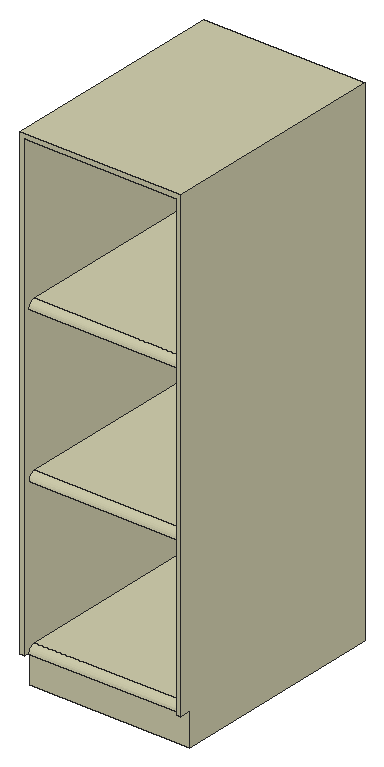
Revit family "Wenger Cabinet 11", category Furniture, Revit 2011
Parameters (values of type "Standard Cabinet #11")
  URL = "http://www.wengercorp.com/Home/Contact.html"
  Toekick Material [instance] = none
  RH End Panel [instance] = no
  Model = "11"
  Manufacturer = "Wenger Corporation"
  LH End Panel [instance] = no
  End Panel Material [instance] = none
  Edge Banding Material [instance] = none
  Door Material [instance] = none
  Description = "Standard Cabinet #11"
  Cabinet Width = 2' - 3 1/2"
  Cabinet Label = Labels : Standard
  Cabinet Height = 7' - 1 5/8"
  Cabinet Depth = 3' - 3 1/4"
  Cabinet Back Thickness = 0' - 0 3/4"
  Assembly Code = ""
Types (4): name | Model | Description | Cabinet Width | Cabinet Label | Cabinet Depth | Cabinet Back Thickness
  Standard Cabinet #11 | "11" | "Standard Cabinet #11" | 2' - 3 1/2" | Labels : Standard | 3' - 3 1/4" | 0' - 0 3/4"
  Acoustic Cabinet #11 | "11A" | "Acoustic Cabinet #11" | 2' - 3 1/2" | Labels : Acoustic | 3' - 5 3/4" | 0' - 3 1/4"
  Narrow Acoustic Cabinet #11 | "11NA" | "Narrow Acoustic Cabinet #11" | 1' - 9 1/2" | Labels : Narrow Acoustic | 3' - 5 3/4" | 0' - 3 1/4"
  Narrow Cabinet #11 | "11N" | "Narrow Cabinet #11" | 1' - 9 1/2" | Labels : Narrow | 3' - 3 1/4" | 0' - 0 3/4"
Reference planes (in)
  plane 1 "Front": y = 0
  plane 2: z = 0
  plane 3 "Left": x = 0
  plane 4 "Right": x = 27.5
  plane 5 "Back": y = 39.25
  plane 6 "Top": z = 85.625
  plane 7: z = 5.625
  plane 8: z = 32.04167
  plane 9: z = 58.45833
  plane 10: x = 0.75
  plane 11: x = 26.75
  plane 12: z = 84.875
  plane 13: y = 38.5
  plane 14: y = 2
  plane 15: y = 0.75
  plane 16: z = 33.16667
  plane 17: z = 59.58333
  plane 18: z = 6.75
Forms (in)
  Extrusion 1, solid, material "Wenger - Oyster"
    sketch origin (0, 0, 0) x (0, 1, 0) y (0, 0, 1)
      loop
        line (0, 85.625) -> (0, 5.625) -> (2, 5.625) -> (2, 0) -> (39.25, 0) -> (39.25, 85.625) -> (0, 85.625)
    from 0 to 27.5
  Extrusion 2, void
    sketch origin (0, 0, 0) x (0, 1, 0) y (0, 0, 1)
      loop
        line (-5.5, 84.875) -> (-5.5, 5.625) -> (0.75, 5.625)
        arc (0.75, 5.625) -> (1.18296, 6.40088) -> (2, 6.75) r 1.375
        line (2, 6.75) -> (38.5, 6.75) -> (38.5, 32.04167) -> (0.75, 32.04167)
        arc (0.75, 32.04167) -> (1.18296, 32.81754) -> (2, 33.16667) r 1.375
        line (2, 33.16667) -> (38.5, 33.16667) -> (38.5, 58.45833) -> (0.75, 58.45833)
        arc (0.75, 58.45833) -> (1.18296, 59.23421) -> (2, 59.58333) r 1.375
        line (2, 59.58333) -> (38.5, 59.58333) -> (38.5, 84.875) -> (-5.5, 84.875)
    from 0.75 to 26.75
Cuts and joins
  Extrusion 2 cuts Extrusion 1
Lines and regions (in)
  symbolic lines
    curve 1: line (0, 39.25, 0) -> (27.5, 39.25, 0)
    curve 2: line (0, 0, 0) -> (0, 39.25, 0)
    curve 3: line (27.5, 0, 0) -> (0, 0, 0)
    curve 4: line (27.5, 39.25, 0) -> (27.5, 0, 0)
Dimensions and locks (in)
  locked: plane 3 "Left" to plane 10 at 0.75
  locked: plane 11 to plane 4 "Right" at 0.75
  "Cabinet Back Thickness": plane 5 "Back" to plane 13
  locked: plane 1 "Front" to plane 15 at 0.75
  locked: plane 1 "Front" to plane 14 at 2
  locked: plane 16 to plane 8 at 1.125
  locked: plane 17 to plane 9 at 1.125
  locked: plane 6 "Top" to plane 12 at 0.75
  equal spacing: plane 12, plane 9, plane 8, plane 7
  locked: plane 18 to plane 7 at 1.125
  plane 11 to plane 3 "Left" = 2' - 2 3/4"
  "Cabinet Width": plane 3 "Left" to plane 4 "Right"
  locked: plane 7 to level at 5.625
  "Cabinet Height": plane 6 "Top" to level
  "Cabinet Depth": plane 1 "Front" to plane 5 "Back"
  plane 10 to plane 11 = 2' - 2"
  plane 12 to plane 7 = 6' - 7 1/4"
  aligned and locked: Extrusion 1 sketch curve to plane 6 "Top"
  aligned and locked: Extrusion 1 sketch curve to plane 5 "Back"
  aligned and locked: Extrusion 1 sketch curve to plane 1 "Front"
  aligned and locked: Extrusion 1 sketch curve to plane 7
  aligned and locked: Extrusion 1 sketch curve to plane 14
  aligned and locked: Extrusion 1 sketch curve to level
  aligned and locked: Extrusion 1 to plane 4 "Right"
  aligned and locked: Extrusion 1 to plane 3 "Left"
  aligned and locked: Extrusion 2 sketch curve to plane 12
  aligned and locked: Extrusion 2 sketch curve to plane 17
  aligned and locked: Extrusion 2 sketch curve to plane 9
  aligned and locked: Extrusion 2 sketch curve to plane 16
  aligned and locked: Extrusion 2 sketch curve to plane 8
  aligned and locked: Extrusion 2 sketch curve to plane 18
  aligned and locked: Extrusion 2 to plane 10
  aligned and locked: plane 3 "Left" to curve 2
  aligned and locked: curve 1 to plane 5 "Back"
  aligned and locked: plane 4 "Right" to curve 4
  aligned and locked: curve 3 to plane 1 "Front"
  aligned and locked: Extrusion 2 to plane 11
Automatic sketch dimensions
  Extrusion 2 sketch curve to plane 7 = 0' - 0"
  Extrusion 2 sketch curve to plane 15 = 0' - 0"  (x3)
  Extrusion 2 sketch curve to plane 14 = 0' - 0"  (x3)
  Extrusion 2 sketch curve to plane 13 = 0' - 0"  (x3)
  plane 1 "Front" to Extrusion 2 sketch curve = 0' - 5 1/2"
  Extrusion 2 sketch curve to plane 14 = 0' - 0.10279"  (x3)
Nested families (in)
  nested 1: "LH End Panel" at (0, 24.25, 0) x (0, -1, 0) z (0, 0, 1), End Panel Material <- "End Panel Material", visible <- "LH End Panel", Edge Banding Material <- "Edge Banding Material", type "20x84 LH"
    with End Panel Material none, Edge Banding Material none, End Panel Depth 3' - 3 1/4"
  nested 2: "RH End Panel" at (28.25, 24.25, 0) x (0, -1, 0) z (0, 0, 1), End Panel Material <- "End Panel Material", visible <- "RH End Panel", Edge Banding Material <- "Edge Banding Material", type "20x84 RH"
    with End Panel Material none, Edge Banding Material none, End Panel Depth 3' - 3 1/4"
  nested 3: "Labels" at (10.91166, 19.77973, 0), type <- "Cabinet Label", type "Standard"
  nested 4: "Front Note" at (11.71001, 0.75, 0), type "Front Note", detail levels medium+fine
Definition of nested family "LH End Panel"
  Parameters (values of type "20x84 LH")
    End Panel Material [instance] = none
    End Panel Height = 7' - 1 5/8"
    End Panel Depth = 1' - 7 1/4"
    Edge Banding Material [instance] = none
    Default Elevation = 4' - 0"
    Assembly Code = ""
  Reference planes (in)
    plane 1 "Center (Front/Back)": y = 0
    plane 2: z = 0
    plane 3 "Center (Left/Right)": x = 0
    plane 4: x = -15
    plane 5: x = 4.25
    plane 6: z = 5.625
    plane 7: x = 2.25
    plane 8: z = 85.625
    plane 9: y = -0.75
  Forms (in)
    Extrusion 1, solid, material <- "End Panel Material"
      sketch origin (0, 0, 0) x (1, 0, 0) y (0, 0, 1)
        loop
          line (-15, 85.625) -> (-15, 0) -> (2.25, 0) -> (2.25, 5.625) -> (4.25, 5.625) -> (4.25, 85.625) -> (-15, 85.625)
      from 0 to 0.75
  Dimensions and locks (in)
    locked: plane 7 to plane 5 at 2
    locked: plane 6 to level at 5.625
    "End Panel Height": plane 8 to level
    "End Panel Depth": plane 5 to plane 4
    locked: plane 9 to plane 1 "Center (Front/Back)" at 0.75
    aligned and locked: plane 4 to Extrusion 1 sketch curve
    aligned and locked: level to Extrusion 1 sketch curve
    aligned and locked: plane 7 to Extrusion 1 sketch curve
    aligned and locked: plane 6 to Extrusion 1 sketch curve
    aligned and locked: Extrusion 1 sketch curve to plane 5
    aligned and locked: Extrusion 1 sketch curve to plane 8
    aligned and locked: Extrusion 1 to plane 9
    aligned and locked: Extrusion 1 to plane 1 "Center (Front/Back)"
Definition of nested family "RH End Panel"
  Parameters (values of type "20x84 RH")
    End Panel Material [instance] = none
    End Panel Height = 7' - 1 5/8"
    End Panel Depth = 1' - 7 1/4"
    Edge Banding Material [instance] = none
    Default Elevation = 4' - 0"
    Assembly Code = ""
  Reference planes (in)
    plane 1 "Center (Front/Back)": y = 0
    plane 2: z = 0
    plane 3 "Center (Left/Right)": x = 0
    plane 4: x = -15
    plane 5: x = 4.25
    plane 6: z = 5.625
    plane 7: x = 2.25
    plane 8: z = 85.625
    plane 9: y = -0.75
  Forms (in)
    Extrusion 1, solid, material <- "End Panel Material"
      sketch origin (0, 0, 0) x (1, 0, 0) y (0, 0, 1)
        loop
          line (-15, 85.625) -> (-15, 0) -> (2.25, 0) -> (2.25, 5.625) -> (4.25, 5.625) -> (4.25, 85.625) -> (-15, 85.625)
      from 0 to 0.75
  Dimensions and locks (in)
    locked: plane 7 to plane 5 at 2
    locked: plane 6 to level at 5.625
    "End Panel Height": plane 8 to level
    "End Panel Depth": plane 5 to plane 4
    locked: plane 9 to plane 1 "Center (Front/Back)" at 0.75
    aligned and locked: plane 4 to Extrusion 1 sketch curve
    aligned and locked: level to Extrusion 1 sketch curve
    aligned and locked: plane 7 to Extrusion 1 sketch curve
    aligned and locked: plane 6 to Extrusion 1 sketch curve
    aligned and locked: Extrusion 1 sketch curve to plane 5
    aligned and locked: Extrusion 1 sketch curve to plane 8
    aligned and locked: Extrusion 1 to plane 9
    aligned and locked: Extrusion 1 to plane 1 "Center (Front/Back)"
Definition of nested family "Labels"
  Parameters (values of type "Standard")
    Cabinet Label = "01"
  Types (4): name | Cabinet Label
    Standard | "01"
    Narrow | "01N"
    Narrow Acoustic | "01NA"
    Acoustic | "01A"
  Reference planes (in)
    plane 1: y = 0
    plane 2: x = 0
  Text (in)
    label "xxxx" at (-0.00018, 0.00754, 0), shows "Cabinet Label"
Definition of nested family "Front Note"
  Parameters (values of type "Front Note")
    Cabinet Label = "Front"
  Reference planes (in)
    plane 1: y = 0
    plane 2: x = 0
  Text (in)
    label "Front" at (-0.00018, 0.00754, 0), shows "Cabinet Label"
